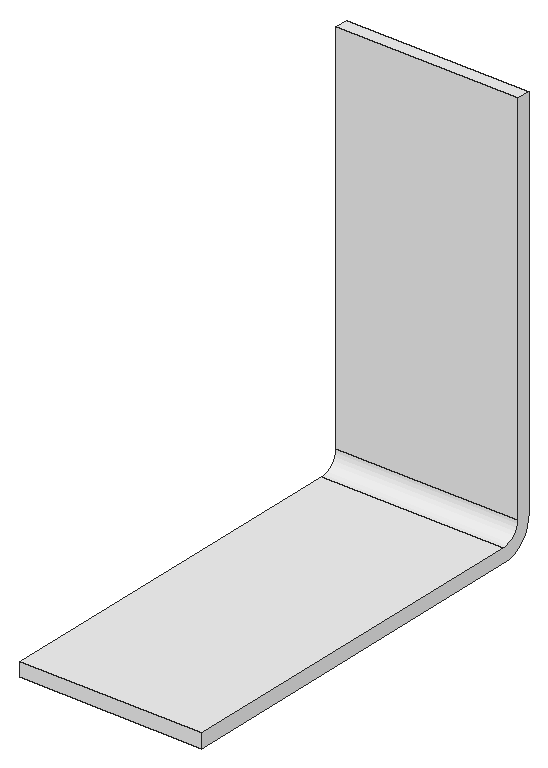
Revit family "JOMA_406", category Structural Connections, host Face, Revit 2012
Parameters (values of type "4060000")
  t = 3.000 mm
  l = 90.000 mm
  h = 90.000 mm
  b = 40.000 mm
  Vinkelbeslag 406EXP = not(Vinkelbeslag 406)  # no
  Vinkelbeslag 406 = yes
  Vikt = "0,158"
  Typ = "VINKEL 406"
  Spikmönster α꞊0° [instance] = no
  Spikmönster Bult α꞊0° [instance] = no
  Spik/skruv [instance] = "ANKARSPIK 4,0x40"
  Material = Varmförzinkad stålplåt
  Länk Joma Dimensioneringsverktyg = "http://www.joma.se/dimensioneringsverktyg"
  Default Elevation = 0.000 mm
  Bult (betong) [instance] = ""
  Antal spik/skruv i virkesdel B [instance] = if(and(Spikmönster α꞊0°, Vinkelbeslag 406), 4, if(and(Spikmönster Bult α꞊0°, Vinkelbeslag 406EXP), 1, 0))  # 0
  Antal spik/skruv i virkesdel A [instance] = if(and(Spikmönster α꞊0°, Vinkelbeslag 406), 2, if(and(Spikmönster Bult α꞊0°, Vinkelbeslag 406EXP), 3, 0))  # 0
  406 Spikmönster α=0° [instance] = and(Vinkelbeslag 406, Spikmönster α꞊0°, not(Spikmönster Bult α꞊0°))  # no
  406EXP Spikmönster Bult α=0° [instance] = and(Vinkelbeslag 406EXP, Spikmönster Bult α꞊0°, not(Spikmönster α꞊0°))  # no
Types (3, lengths in mm): name | Vinkelbeslag 406EXP | Vinkelbeslag 406 | Vikt | Typ | Bult (betong)
  (no name) | no | yes | "0,158" | "VINKEL 406" | ""
  4060000 | no | yes | "0,158" | "VINKEL 406" | ""
  4060EXP | yes | no | "0,14" | "VINKEL 406 EXP" | "BULT M10"
Reference planes
  plane 1 "Center (Front/Back)": y = 0
  plane 2: z = 0
  plane 3 "Center (Left/Right)": x = 0
  plane 4: x = -20
  plane 5: x = 20
  plane 6: y = -90
  plane 7: z = 90
Forms (mm)
  Extrusion 1, solid, material "Varmförzinkad stålplåt" <- "Material"
    sketch origin (0, 0, 0) x (0, 1, 0) y (0, 0, 1)
      loop
        line (0, 90) -> (-3, 90) -> (-3, 6.843)
        arc (-3, 6.843) -> (-4.126, 4.126) -> (-6.843, 3) r 3.843
        line (-6.843, 3) -> (-90, 3) -> (-90, 0) -> (-6.843, 0)
        arc (-6.843, 0) -> (-2.004, 2.004) -> (0, 6.843) r 6.843
        line (0, 6.843) -> (0, 90)
    from -20 to 20
Lines and regions (mm)
  symbolic lines, visible <- "Vinkelbeslag 406"
    curve 1: circle (-10, 0, 80) r 2.5 normal (0, -1, 0)
    curve 2: circle (10, 0, 80) r 2.5 normal (0, -1, 0)
    curve 3: circle (-10, 0, 25) r 2.5 normal (0, -1, 0)
    curve 4: circle (10, 0, 25) r 2.5 normal (0, -1, 0)
    curve 5: circle (0, 0, 50) r 2.5 normal (0, -1, 0)
    curve 11: circle (-10, -80, 0) r 2.5 normal (0, 0, 1)
    curve 12: circle (10, -80, 0) r 2.5 normal (0, 0, 1)
    curve 13: circle (-10, -25, 0) r 2.5 normal (0, 0, 1)
    curve 14: circle (10, -25, 0) r 2.5 normal (0, 0, 1)
    curve 15: circle (0, -50, 0) r 2.5 normal (0, 0, 1)
  symbolic lines, visible <- "Vinkelbeslag 406", not visible
    curve 6: circle (-10, 0, 80) r 2.5 normal (0, -1, 0)
    curve 7: circle (10, 0, 80) r 2.5 normal (0, -1, 0)
    curve 8: circle (-10, 0, 25) r 2.5 normal (0, -1, 0)
    curve 9: circle (10, 0, 25) r 2.5 normal (0, -1, 0)
    curve 10: circle (0, 0, 50) r 2.5 normal (0, -1, 0)
    curve 16: circle (-10, -80, 0) r 2.5 normal (0, 0, 1)
    curve 17: circle (10, -80, 0) r 2.5 normal (0, 0, 1)
    curve 18: circle (-10, -25, 0) r 2.5 normal (0, 0, 1)
    curve 19: circle (10, -25, 0) r 2.5 normal (0, 0, 1)
    curve 20: circle (0, -50, 0) r 2.5 normal (0, 0, 1)
  symbolic lines, visible <- "Vinkelbeslag 406EXP"
    curve 21: circle (0, -70, 0) r 5.1 normal (0, 0, 1)
    curve 22: circle (-10, -80, 0) r 2.5 normal (0, 0, 1)
    curve 23: circle (0, -30, 0) r 5.1 normal (0, 0, 1)
    curve 27: circle (0, 0, 70) r 5.1 normal (0, -1, 0)
    curve 28: circle (-10, 0, 80) r 2.5 normal (0, -1, 0)
    curve 29: circle (10, 0, 80) r 2.5 normal (0, -1, 0)
    curve 30: circle (-10, 0, 60) r 2.5 normal (0, -1, 0)
    curve 31: circle (10, 0, 60) r 2.5 normal (0, -1, 0)
    curve 32: circle (-10, 0, 40) r 2.5 normal (0, -1, 0)
    curve 33: circle (10, 0, 40) r 2.5 normal (0, -1, 0)
    curve 34: circle (-10, 0, 20) r 2.5 normal (0, -1, 0)
    curve 35: circle (10, 0, 20) r 2.5 normal (0, -1, 0)
    curve 36: circle (0, 0, 30) r 5.1 normal (0, -1, 0)
    curve 47: circle (10, -80, 0) r 2.5 normal (0, 0, -1)
    curve 48: circle (-10, -60, 0) r 2.5 normal (0, 0, 1)
    curve 49: circle (10, -60, 0) r 2.5 normal (0, 0, -1)
    curve 50: circle (-10, -40, 0) r 2.5 normal (0, 0, 1)
    curve 51: circle (10, -40, 0) r 2.5 normal (0, 0, -1)
    curve 52: circle (-10, -20, 0) r 2.5 normal (0, 0, 1)
    curve 53: circle (10, -20, 0) r 2.5 normal (0, 0, -1)
  symbolic lines, visible <- "Vinkelbeslag 406EXP", not visible
    curve 24: circle (108.72, -70, 0) r 5.1 normal (0, 0, 1)
    curve 25: circle (98.72, -80, 0) r 2.5 normal (0, 0, 1)
    curve 26: circle (108.72, -30, 0) r 5.1 normal (0, 0, 1)
    curve 37: circle (106.745, 0, 70) r 5.1 normal (0, -1, 0)
    curve 38: circle (96.745, 0, 80) r 2.5 normal (0, -1, 0)
    curve 39: circle (116.745, 0, 80) r 2.5 normal (0, -1, 0)
    curve 40: circle (96.745, 0, 60) r 2.5 normal (0, -1, 0)
    curve 41: circle (116.745, 0, 60) r 2.5 normal (0, -1, 0)
    curve 42: circle (96.745, 0, 40) r 2.5 normal (0, -1, 0)
    curve 43: circle (116.745, 0, 40) r 2.5 normal (0, -1, 0)
    curve 44: circle (96.745, 0, 20) r 2.5 normal (0, -1, 0)
    curve 45: circle (116.745, 0, 20) r 2.5 normal (0, -1, 0)
    curve 46: circle (106.745, 0, 30) r 5.1 normal (0, -1, 0)
    curve 54: circle (118.72, -80, 0) r 2.5 normal (0, 0, -1)
    curve 55: circle (98.72, -60, 0) r 2.5 normal (0, 0, 1)
    curve 56: circle (118.72, -60, 0) r 2.5 normal (0, 0, -1)
    curve 57: circle (98.72, -40, 0) r 2.5 normal (0, 0, 1)
    curve 58: circle (118.72, -40, 0) r 2.5 normal (0, 0, -1)
    curve 59: circle (98.72, -20, 0) r 2.5 normal (0, 0, 1)
    curve 60: circle (118.72, -20, 0) r 2.5 normal (0, 0, -1)
Text (mm)
  text "Virkesdel A" at (351.313, 0, 110.048), in view "Front"
  text "Virkesdel B/Betong" at (237.181, -1.276, 0), in view "Ref. Level"
Dimensions and locks
  "b": plane 5 to plane 4
  "l": plane 1 "Center (Front/Back)" to plane 6
  "h": plane 7 to host face
  equal spacing: plane 5, plane 3 "Center (Left/Right)", plane 4
  "t": plane 1 "Center (Front/Back)" to Extrusion 1
  "t": Extrusion 1 to host face
  aligned and locked: plane 2 to host face
  aligned and locked: level to host face
  aligned and locked: plane 5 to Extrusion 1
  aligned and locked: Extrusion 1 to plane 4
  aligned and locked: Extrusion 1 to plane 6
  aligned and locked: plane 7 to Extrusion 1
Automatic sketch dimensions
  host sketch curve to host sketch curve = 2438.400 mm  (x2)
  Extrusion 1 sketch curve to plane 6 = 0.000 mm
  Extrusion 1 sketch curve to plane 7 = 0.000 mm
  Extrusion 1 sketch curve to plane 1 "Center (Front/Back)" = 0.000 mm
  Extrusion 1 sketch curve to level = 0.000 mm
  plane 1 "Center (Front/Back)" to Extrusion 1 sketch curve = 6.843 mm
  Extrusion 1 sketch curve to Extrusion 1 sketch curve = 0.000 mm  (x2)
  plane 1 "Center (Front/Back)" to Extrusion 1 sketch curve = 3.000 mm
  level to Extrusion 1 sketch curve = 3.000 mm
  level to Extrusion 1 sketch curve = 6.843 mm
  curve 22 to curve 21 = 10.000 mm  (x2)
  curve 25 to curve 24 = 10.000 mm  (x2)
  curve 23 to curve 21 = 0.000 mm
  curve 21 to curve 23 = 40.000 mm
  curve 26 to curve 24 = 0.000 mm
  curve 24 to curve 26 = 40.000 mm
  radius of curve 21 = 5.100 mm
  radius of curve 22 = 2.500 mm
  radius of curve 23 = 5.100 mm
  radius of curve 24 = 5.100 mm
  radius of curve 25 = 2.500 mm
  radius of curve 26 = 5.100 mm
  radius of curve 47 = 2.500 mm
  radius of curve 48 = 2.500 mm
  radius of curve 49 = 2.500 mm
  radius of curve 50 = 2.500 mm
  radius of curve 51 = 2.500 mm
  radius of curve 52 = 2.500 mm
  radius of curve 53 = 2.500 mm
  radius of curve 54 = 2.500 mm
  radius of curve 55 = 2.500 mm
  radius of curve 56 = 2.500 mm
  radius of curve 57 = 2.500 mm
  radius of curve 58 = 2.500 mm
  radius of curve 59 = 2.500 mm
  radius of curve 60 = 2.500 mm
Nested families
  nested 1: "Spikmönster" at (10, 0, 80) x (1, 0, 0) z (0, -1, 0), visible <- "406 Spikmönster α=0°", type "Ø5"
  nested 2: "Spikmönster" at (0, 0, 50) x (1, 0, 0) z (0, -1, 0), visible <- "406 Spikmönster α=0°", type "Ø5"
  nested 3: "Spikmönster" at (0, -30, 0), visible <- "406EXP Spikmönster Bult α=0°", type "Ø10,2"
  nested 4: "Spikmönster" at (-10, -25, 0), visible <- "406 Spikmönster α=0°", type "Ø5"
  nested 5: "Spikmönster" at (10, -25, 0), visible <- "406 Spikmönster α=0°", type "Ø5"
  nested 6: "Spikmönster" at (10, -80, 0), visible <- "406 Spikmönster α=0°", type "Ø5"
  nested 7: "Spikmönster" at (-10, -80, 0), visible <- "406 Spikmönster α=0°", type "Ø5"
  nested 8: "Spikmönster" at (10, 0, 80) x (1, 0, 0) z (0, -1, 0), visible <- "406EXP Spikmönster Bult α=0°", type "Ø5"
  nested 9: "Spikmönster" at (-10, 0, 60) x (1, 0, 0) z (0, -1, 0), visible <- "406EXP Spikmönster Bult α=0°", type "Ø5"
  nested 10: "Spikmönster" at (10, 0, 40) x (1, 0, 0) z (0, -1, 0), visible <- "406EXP Spikmönster Bult α=0°", type "Ø5"
  nested 11: "Spikmönster" at (10, 0, 80) x (1, 0, 0) z (0, -1, 0), visible <- "406 Spikmönster α=0°", type "Ø5", not visible
  nested 12: "Spikmönster" at (0, 0, 50) x (1, 0, 0) z (0, -1, 0), visible <- "406 Spikmönster α=0°", type "Ø5", not visible
  nested 13: "Spikmönster" at (-10, -25, 0), visible <- "406 Spikmönster α=0°", type "Ø5", not visible
  nested 14: "Spikmönster" at (10, -25, 0), visible <- "406 Spikmönster α=0°", type "Ø5", not visible
  nested 15: "Spikmönster" at (10, -80, 0), visible <- "406 Spikmönster α=0°", type "Ø5", not visible
  nested 16: "Spikmönster" at (-10, -80, 0), visible <- "406 Spikmönster α=0°", type "Ø5", not visible
  nested 17: "Spikmönster" at (108.72, -30, 0), visible <- "406EXP Spikmönster Bult α=0°", type "Ø10,2", not visible
  nested 18: "Spikmönster" at (116.745, 0, 80) x (1, 0, 0) z (0, -1, 0), visible <- "406EXP Spikmönster Bult α=0°", type "Ø5", not visible
  nested 19: "Spikmönster" at (96.745, 0, 60) x (1, 0, 0) z (0, -1, 0), visible <- "406EXP Spikmönster Bult α=0°", type "Ø5", not visible
  nested 20: "Spikmönster" at (116.745, 0, 40) x (1, 0, 0) z (0, -1, 0), visible <- "406EXP Spikmönster Bult α=0°", type "Ø5", not visible
Definition of nested family "Spikmönster"
  Parameters (values of type "Ø11")
    Radie = 5.500 mm
  Types (3, lengths in mm): name | Radie
    (no name) | 5.500
    Ø5 | 2.500
    Ø11 | 5.500
  Reference planes
    plane 1 "Center (Front/Back)": y = 0
    plane 2: z = 0
    plane 3 "Center (Left/Right)": x = 0
  Lines and regions (mm)
    Filled region 1, type "Solid Fill - Black", in view "Ref. Level"
      outline origin (0, 0, 0) x (1, 0, 0) y (0, 1, 0)
        loop
          circle (0, 0) r 5.5
  Dimensions and locks
    "Radie": radius of Filled region 1 sketch curve
  Automatic sketch dimensions
    plane 1 "Center (Front/Back)" to Filled region 1 sketch curve = 0.000 mm
    Filled region 1 sketch curve to plane 3 "Center (Left/Right)" = 0.000 mm
